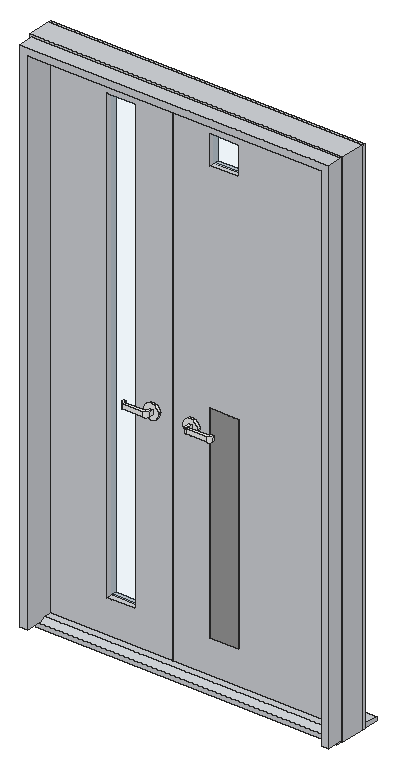
Revit family "Dor_親子開き戸_RC", category ドア, Revit 2020
Family settings
  ホスト = 壁
  常に垂直 = はい
  ロード時にボイドで切り取り = はい
  共有 = いいえ
  部屋計算ポイント = いいえ
Parameters (values of type "親子開き戸_RC")
  金物_施錠方式(外) = ""
  金物_施錠方式(内) = ""
  金物_支持金物 = ""
  金物_操作金物 = ""
  金物_戸当り = ""
  金物_固定金物 = ""
  金物_フランス落し = ""
  金物_クローザー = ""
  逃げ_左 = 60 mm
  逃げ_右 = 60 mm
  逃げ_上 = 60 mm
  解析用性能 = "<なし>"
  符号_建具記号 = ""
  符号_建具番号 = ""
  法_随時閉鎖 = yes
  法_防火性能 = ""
  法_遮煙 = yes
  法_常時閉鎖 = yes
  沓摺表示 [instance] = yes
  文字_ガラス厚 = ""
  抱き = 40 mm
  建枠下延長 [instance] = 0 mm
  沓摺見込_Kc_Kd [instance] = 200 mm
  外部ちり_上 = 10 mm
  外部ちり = 10 mm
  マテリアル_シール = none
  ドアパネルタイプ2 = DP_スリット窓 : スリット窓
  ドアパネルタイプ1 = DP_小窓+スリットガラリ : 小窓+スリットガラリ
  スリット/小窓位置：戸先 [instance] = yes
  シール幅 = 10 mm
  ガラス厚 = 6 mm
  オフセット_外側 [instance] = 50 mm
  min沓摺見込_Kc_Kd [instance] = 24 mm + パネル厚 + 抱き + シール幅 + オフセット_外側  # 169 mm
  geo_壁厚 [instance] = 150 mm
  calc_総見込 = 抱き + シール幅 + パネル厚 + 戸当見込  # 145 mm
  calc_沓摺見込_Kc_Kd [instance] = if(沓摺見込_Kc_Kd > min沓摺見込_Kc_Kd, 沓摺見込_Kc_Kd, min沓摺見込_Kc_Kd + 10 mm)  # 200 mm
  calc_沓摺幅 = 幅 + 戸当見付 * 2  # 1230 mm
  沓摺タイプ = Kd_沓摺_RC : Kd_沓摺_RC
  次による断熱プロパティの定義 = スキーマティック タイプ
  枠見付内_F01 = 30 mm
  calc_枠見込内 [instance] = if(and(枠ちり内 = 0 mm, オフセット_内側 = 0 mm), 1 mm, 0 mm)  # 0 mm
  calc_枠見付内 = if(枠タイプ = 1, 枠見付内_F01, if(枠タイプ = 2, 枠見付 + 戸当見付, if(枠タイプ = 3, 枠見付 + 戸当見付, 枠見付)))  # 30 mm
  文字_額縁材質 = ""
  文字_額縁仕上 = ""
  文字_沓摺材質 = ""
  文字_沓摺仕上 = ""
  文字_枠材質 = ""
  文字_枠仕上 = ""
  文字_建具材質 = ""
  文字_建具仕上 = ""
  文字_取付場所 = ""
  文字_備考 = ""
  文字_パネル厚 = ""
  文字_ガラリ材質 = ""
  文字_ガラリ仕上 = ""
  文字_ガラス材質 = ""
  文字_アンダーカット = ""
  性能_遮音 = ""
  性能_気密 = ""
  形状_沓摺形状 = ""
  形状_枠形状 = ""
  形状_建具形式 = ""
  形状_ガラリ形状 = ""
  仕上げ厚 = 0 mm
  calc_戸当見込 [instance] = if(geo_壁厚 < calc_総見込, 戸当見込 - (calc_総見込 - geo_壁厚 + 10 mm), 戸当見込)  # 50 mm
  calc_壁芯ずれ [instance] = オフセット_外側 / 2 + オフセット_内側 / 2 + LOCK  # 50 mm
  calc_仕上げ厚 [instance] = if(and(オフセット_内側 = 0 mm, 仕上げ厚 = 0 mm), 11 mm, 仕上げ厚)  # 0 mm
  ラベル_遮煙 = if(法_遮煙, "S", " ")  # "S"
  ラベル_法囲み = if(法_常時閉鎖, "□", if(法_随時閉鎖, "〇", " "))  # "□"
  マテリアル_沓摺 = none
  マテリアル_枠 = none
  マテリアル_パネル = none
  マテリアル_ガラリ = none
  マテリアル_ガラス = ガラス - 透明
  パネル幅2 = (幅 + 戸当見付 * 2) - パネル幅1  # 515 mm
  パネル幅1 = 715 mm
  calc_パネル中心位置 = パネル厚 / 2 + LOCK  # 22.5 mm
  ハンドル表示 [instance] = yes
  Keynote = ""
  オフセット_内側 [instance] = 50 mm
  calc_パネル2_中心 = パネル幅2 / 2 + LOCK  # 257.5 mm
  calc_パネル1_中心 = パネル幅1 / 2 + LOCK  # 357.5 mm
  W寸法 = 1200 mm
  LOCK = 0 mm  # constant formula
  H寸法 = 2100 mm
  F02_片ひばた2 = 枠タイプ = 2  # no
  Function = (empty or 0)
  Description = ""
  枠タイプ = 1
  Rough Width = 0 mm
  高さ = H寸法 + LOCK  # 2100 mm
  枠見付 = 25 mm
  枠ちり外 = 20 mm
  枠ちり内 = 10 mm
  ハンドル_高さ = 900 mm
  ハンドル_オフセット = 80 mm
  戸当見込 = 50 mm
  戸当見付 = 15 mm
  Construction Type = ""
  Wall Closure = (empty or 0)
  幅 = W寸法 + LOCK  # 1200 mm
  Rough Height = 0 mm
  パネル高 = 高さ + 戸当見付 - アンダーカット  # 2110 mm
  パネル幅 = パネル幅1 + LOCK  # 715 mm
  パネル厚 = 45 mm
  アンダーカット = 5 mm
  F01_片ひばた1 = 枠タイプ = 1  # yes
  F03_両ひばた = 枠タイプ = 3  # no
Reference planes
  plane 1: y = 0
  plane 2 "中心(左/右)": x = 0
  plane 3 "EXT.": y = 75
  plane 4 "内壁": y = -75
  plane 5 "左": x = -600
  plane 6 "右": x = 600
  plane 7 "上側": z = 2100
  plane 8: z = 0
  plane 9 "パネル位置": y = 25
  plane 10 "左扉位置": x = -615
  plane 11 "枠外側左": x = -640
  plane 12 "枠内側左": x = -630
  plane 13 "仕上げ厚": y = -75
  plane 14 "右扉位置": x = 615
  plane 15 "枠外側右": x = 640
  plane 16 "枠内側右": x = 630
  plane 17 "上枠下端": z = 2115
  plane 18 "枠見付_上": z = 2140
  plane 19 "枠見付内_上": z = 2130
  plane 20 "戸当り外側": y = -20
  plane 21 "戸当り内側": y = -70
  plane 22: x = -630
  plane 23: x = 630
  plane 24: z = 5
  plane 25 "オフセット": y = -125
  plane 26 "枠ちり内": y = -135
  plane 27 "パネル厚中心": y = 2.5
  plane 28 "壁芯": y = -50
  plane 29: z = 900
  plane 30 "建枠下延長": z = 0
  plane 31 "枠見込み内": y = -75
  plane 32 "オフセット_外側": y = 125
  plane 33 "マスク位置": z = 500
  plane 34: y = 130
  plane 35 "逃げ左": x = -660
  plane 36 "逃げ右": x = 660
  plane 37 "抱き": y = 35
  plane 38 "外部ちり左": x = -625
  plane 39 "外部ちり右": x = 625
  plane 40 "外部ちり上": z = 2125
  plane 41 "逃げ上": z = 2160
  plane 42 "右扉中心": x = 257.5
  plane 43 "左扉中心": x = -357.5
  plane 44 "左ハンドル中心": x = -180
  plane 45 "右ハンドル中心": x = -20
  plane 46 "扉合わせ位置": x = -100
Forms (mm)
  Extrusion 1, void
    sketch origin (0, 0, 0) x (1, 0, 0) y (0, 1, 0)
      loop
        line (-630, -125) -> (630, -125) -> (630, -75) -> (-630, -75) -> (-630, -125)
    from 0 to 2130
  Extrusion 2, void
    sketch origin (0, 0, 0) x (1, 0, 0) y (0, 1, 0)
      loop
        line (-660, 35) -> (-660, -75) -> (660, -75) -> (660, 35) -> (-660, 35)
    from 0 to 2160
  Sweep 3, solid, material <- "マテリアル_枠", visible <- "F01_片ひばた1", detail levels medium+fine
    path origin (0, 75, 0) x (1, 0, 0) y (0, 0, 1)
      loop
        line (600, 0) -> (600, 2100) -> (-600, 2100) -> (-600, 0)
    profile origin (600, 75, 1050) x (-1, 0, 0) y (0, -1, 0)
      loop
        line (-40, 50) -> (-15, 50) -> (-15, 95) -> (0, 95) -> (0, 210) -> (-30, 210) -> (-30, 150) -> (-40, 150) -> (-40, 50)
  Sweep 4, solid, material <- "マテリアル_枠", visible <- "F02_片ひばた2"
    path origin (0, 75, 0) x (1, 0, 0) y (0, 0, 1)
      loop
        line (600, 0) -> (600, 2100) -> (-600, 2100) -> (-600, 0)
    profile origin (600, 75, 1050) x (-1, 0, 0) y (0, -1, 0)
      loop
        line (-40, 50) -> (-15, 50) -> (-15, 95) -> (0, 95) -> (0, 210) -> (-40, 210) -> (-40, 50)
  Sweep 5, solid, material <- "マテリアル_枠", visible <- "F03_両ひばた"
    path origin (0, 75, 0) x (1, 0, 0) y (0, 0, 1)
      loop
        line (600, 0) -> (600, 2100) -> (-600, 2100) -> (-600, 0)
    profile origin (600, 75, 1050) x (-1, 0, 0) y (0, -1, 0)
      loop
        line (-40, 50) -> (-15, 50) -> (-15, 95) -> (0, 95) -> (0, 145) -> (-15, 145) -> (-15, 210) -> (-40, 210) -> (-40, 50)
  Extrusion 6, void
    sketch origin (0, 0, 0) x (1, 0, 0) y (0, 1, 0)
      loop
        line (-625, 125) -> (-625, 35) -> (625, 35) -> (625, 125) -> (-625, 125)
    from 0 to 2125
  Extrusion 7, solid, material <- "マテリアル_シール"
    sketch origin (0, 25, 0) x (-1, 0, 0) y (0, 0, 1)
      loop
        line (-625, 0) -> (-625, 2125) -> (625, 2125) -> (625, 0) -> (640, 0) -> (640, 2140) -> (-640, 2140) -> (-640, 0) -> (-625, 0)
    from 0 to 10 <- "シール幅"
Lines and regions (mm)
  Masking region 1
    outline origin (0, 0, 0) x (0, 1, 0) y (0, 0, 1)
      loop
        line (25, 2115) -> (-20, 2115) -> (-20, 5) -> (25, 5) -> (25, 2115)
  Masking region 2, visible <- "F01_片ひばた1", detail levels medium+fine
    outline origin (0, 0, 0) x (1, 0, 0) y (0, 1, 0)
      loop
        line (-640, -75) -> (-630, -75) -> (-630, -135) -> (-600, -135) -> (-600, -20) -> (-615, -20) -> (-615, 25) -> (-640, 25) -> (-640, -75)
      loop
        line (640, -75) -> (640, 25) -> (615, 25) -> (615, -20) -> (600, -20) -> (600, -135) -> (630, -135) -> (630, -75) -> (640, -75)
  Masking region 3, visible <- "F02_片ひばた2", detail levels medium+fine
    outline origin (0, 0, 0) x (1, 0, 0) y (0, 1, 0)
      loop
        line (-630, 25) -> (-630, -135) -> (-600, -135) -> (-600, -20) -> (-615, -20) -> (-615, 25) -> (-630, 25)
      loop
        line (640, 25) -> (615, 25) -> (615, -20) -> (600, -20) -> (600, -135) -> (640, -135) -> (640, 25)
  Masking region 4, detail levels coarse
    outline origin (0, 0, 0) x (1, 0, 0) y (0, 1, 0)
      loop
        line (-600, -130) -> (600, -130) -> (600, -125) -> (600, 125) -> (600, 130) -> (-600, 130) -> (-600, 125) -> (-600, -125) -> (-600, -130)
  Masking region 5, detail levels coarse
    outline origin (0, 0, 0) x (1, 0, 0) y (0, 1, 0)
      loop
        line (-665, 125) -> (-665, -125) -> (-600, -125) -> (-600, 125) -> (-665, 125)
      loop
        line (665, 125) -> (600, 125) -> (600, -125) -> (665, -125) -> (665, 125)
  Masking region 6, visible <- "F03_両ひばた", detail levels medium+fine
    outline origin (0, 0, 0) x (1, 0, 0) y (0, 1, 0)
      loop
        line (-640, 25) -> (-640, -135) -> (-615, -135) -> (-615, -70) -> (-600, -70) -> (-600, -20) -> (-615, -20) -> (-615, 25) -> (-640, 25)
      loop
        line (640, 25) -> (615, 25) -> (615, -20) -> (600, -20) -> (600, -70) -> (615, -70) -> (615, -135) -> (640, -135) -> (640, 25)
  Masking region 7, detail levels medium+fine
    outline origin (0, 0, 0) x (1, 0, 0) y (0, 1, 0)
      loop
        line (-625, 25) -> (-625, 35) -> (-640, 35) -> (-640, 25) -> (-625, 25)
      loop
        line (625, 35) -> (625, 25) -> (640, 25) -> (640, 35) -> (625, 35)
  symbolic lines
    curve 1: line (0, 75, 0) -> (0, -185, 0)
Text (mm)
  text "EXT." at (-2295.016, 1099.543, 0), in view "基準レベル"
  text "外部" at (0, 1615.38, 3698.081), in view "左"
  text "外部" at (0, 1036.032, 3874.932), in view "右"
  text "内部" at (0, -1175.082, 3874.932), in view "右"
  text "内部" at (-2295.016, -1087.353, 0), in view "基準レベル"
Dimensions and locks
  equal spacing: plane 5 "左", plane 2 "中心(左/右)", plane 6 "右"
  locked: plane 3 "EXT." to host wall
  locked: plane 4 "内壁" to host wall
  "W寸法": plane 5 "左" to plane 6 "右"
  "H寸法": plane 8 to plane 7 "上側"
  "戸当見付": plane 10 "左扉位置" to plane 5 "左"
  "calc_枠見付内": plane 12 "枠内側左" to plane 5 "左"
  "枠見付": plane 11 "枠外側左" to plane 10 "左扉位置"
  "calc_仕上げ厚": plane 13 "仕上げ厚" to plane 4 "内壁"
  "枠見付": plane 15 "枠外側右" to plane 14 "右扉位置"
  "戸当見付": plane 7 "上側" to plane 17 "上枠下端"
  "枠見付": plane 17 "上枠下端" to plane 18 "枠見付_上"
  "calc_枠見付内": plane 7 "上側" to plane 19 "枠見付内_上"
  "パネル厚": plane 9 "パネル位置" to plane 20 "戸当り外側"
  "calc_戸当見込": plane 20 "戸当り外側" to plane 21 "戸当り内側"
  "戸当見付": plane 6 "右" to plane 14 "右扉位置"
  "calc_枠見付内": plane 6 "右" to plane 16 "枠内側右"
  "枠見付内_F01": plane 22 to plane 5 "左"
  "枠見付内_F01": plane 6 "右" to plane 23
  "枠ちり内": plane 25 "オフセット" to plane 26 "枠ちり内"
  "オフセット_内側": plane 25 "オフセット" to plane 4 "内壁"
  "アンダーカット": plane 24 to plane 8
  locked: plane 26 "枠ちり内" to curve 1 at 50
  "calc_パネル中心位置": plane 9 "パネル位置" to plane 27 "パネル厚中心"
  "calc_壁芯ずれ": plane 28 "壁芯" to plane 1
  "ハンドル_高さ": plane 29 to level
  "建枠下延長": plane 8 to plane 30 "建枠下延長"
  "calc_枠見込内": plane 31 "枠見込み内" to plane 13 "仕上げ厚"
  "オフセット_外側": plane 3 "EXT." to plane 32 "オフセット_外側"
  locked: level to plane 33 "マスク位置" at 500
  locked: plane 34 to plane 32 "オフセット_外側" at 5
  "逃げ_左": plane 35 "逃げ左" to plane 5 "左"
  "逃げ_右": plane 6 "右" to plane 36 "逃げ右"
  "抱き": plane 37 "抱き" to plane 3 "EXT."
  "シール幅": plane 37 "抱き" to plane 9 "パネル位置"
  locked: plane 38 "外部ちり左" to Extrusion 7 sketch curve at 15
  locked: plane 39 "外部ちり右" to Extrusion 7 sketch curve at 15
  locked: plane 40 "外部ちり上" to Extrusion 7 sketch curve at 15
  "外部ちり": plane 38 "外部ちり左" to plane 10 "左扉位置"
  "外部ちり": plane 14 "右扉位置" to plane 39 "外部ちり右"
  "逃げ_上": plane 7 "上側" to plane 41 "逃げ上"
  "外部ちり_上": plane 40 "外部ちり上" to plane 17 "上枠下端"
  locked: Masking region 7 sketch curve to plane 38 "外部ちり左" at 15
  locked: plane 39 "外部ちり右" to Masking region 7 sketch curve at 15
  "geo_壁厚": host wall to host wall
  locked: Masking region 5 sketch curve to plane 35 "逃げ左" at 5
  locked: plane 36 "逃げ右" to Masking region 5 sketch curve at 5
  "calc_パネル1_中心": plane 42 "右扉中心" to plane 14 "右扉位置"
  "calc_パネル2_中心": plane 10 "左扉位置" to plane 43 "左扉中心"
  "パネル幅1": plane 46 "扉合わせ位置" to plane 14 "右扉位置"
  "ハンドル_オフセット": plane 46 "扉合わせ位置" to plane 44 "左ハンドル中心"
  "ハンドル_オフセット": plane 45 "右ハンドル中心" to plane 46 "扉合わせ位置"
  aligned and locked: plane 1 to host wall
  aligned and locked: level to plane 8
  aligned and locked: plane 13 "仕上げ厚" to Extrusion 1 sketch curve
  aligned and locked: plane 13 "仕上げ厚" to Extrusion 2 sketch curve
  aligned and locked: plane 7 "上側" to Sweep 3 sketch curve
  aligned and locked: plane 6 "右" to Sweep 3 sketch curve  (x2)
  aligned and locked: Sweep 3 sketch curve to plane 5 "左"
  aligned and locked: Sweep 3 sketch curve to plane 13 "仕上げ厚"
  aligned and locked: plane 9 "パネル位置" to Sweep 3 sketch curve
  aligned and locked: plane 20 "戸当り外側" to Sweep 3 sketch curve
  aligned and locked: plane 14 "右扉位置" to Sweep 3 sketch curve
  aligned and locked: Sweep 3 sketch curve to plane 15 "枠外側右"
  aligned and locked: plane 15 "枠外側右" to Sweep 4 sketch curve
  aligned and locked: plane 14 "右扉位置" to Sweep 5 sketch curve  (x2)
  aligned and locked: Sweep 5 sketch curve to plane 21 "戸当り内側"
  aligned and locked: plane 23 to Sweep 3 sketch curve
  aligned and locked: Sweep 3 sketch curve to plane 26 "枠ちり内"
  aligned and locked: Sweep 4 sketch curve to plane 26 "枠ちり内"
  aligned and locked: plane 20 "戸当り外側" to Sweep 4 sketch curve
  aligned and locked: Sweep 5 sketch curve to plane 26 "枠ちり内"
  aligned and locked: Extrusion 1 to plane 25 "オフセット"
  aligned and locked: plane 19 "枠見付内_上" to Extrusion 1
  aligned and locked: Sweep 4 to Masking region 1 sketch curve
  aligned and locked: plane 2 "中心(左/右)" to nested 1
  aligned and locked: Masking region 2 sketch curve to plane 9 "パネル位置"
  aligned and locked: Masking region 2 sketch curve to plane 20 "戸当り外側"
  aligned and locked: plane 26 "枠ちり内" to Masking region 2 sketch curve
  aligned and locked: plane 11 "枠外側左" to Masking region 2 sketch curve
  aligned and locked: plane 5 "左" to Masking region 2 sketch curve
  aligned and locked: plane 6 "右" to Masking region 2 sketch curve
  aligned and locked: Masking region 2 sketch curve to plane 15 "枠外側右"
  aligned and locked: plane 14 "右扉位置" to Masking region 2 sketch curve
  aligned and locked: Masking region 2 sketch curve to plane 22
  aligned and locked: plane 23 to Masking region 2 sketch curve
  aligned and locked: plane 12 "枠内側左" to Masking region 3 sketch curve
  aligned and locked: plane 5 "左" to Masking region 4 sketch curve
  aligned and locked: Masking region 4 sketch curve to plane 6 "右"
  aligned and locked: Masking region 4 to Masking region 5 sketch curve
  aligned and locked: plane 6 "右" to Masking region 5 sketch curve
  aligned and locked: plane 25 "オフセット" to Masking region 5 sketch curve
  aligned and locked: Masking region 5 sketch curve to plane 25 "オフセット"
  aligned and locked: plane 25 "オフセット" to Masking region 4 sketch curve  (x2)
  aligned and locked: plane 14 "右扉位置" to Masking region 6 sketch curve
  aligned and locked: plane 21 "戸当り内側" to Masking region 6 sketch curve  (x2)
  aligned and locked: Masking region 6 sketch curve to plane 21 "戸当り内側"  (x2)
  aligned and locked: plane 20 "戸当り外側" to Sweep 5 sketch curve
  aligned and locked: plane 9 "パネル位置" to Sweep 5 sketch curve
  aligned and locked: plane 9 "パネル位置" to Sweep 4 sketch curve
  aligned and locked: nested 2 to plane 8
  aligned and locked: plane 30 "建枠下延長" to Sweep 4 sketch curve  (x2)
  aligned and locked: plane 30 "建枠下延長" to Sweep 3 sketch curve  (x2)
  aligned and locked: plane 30 "建枠下延長" to Sweep 5 sketch curve  (x2)
  aligned and locked: plane 9 "パネル位置" to Masking region 3 sketch curve  (x2)
  aligned and locked: plane 9 "パネル位置" to Masking region 6 sketch curve  (x2)
  aligned and locked: Extrusion 1 sketch curve to plane 12 "枠内側左"
  aligned and locked: Extrusion 1 sketch curve to plane 16 "枠内側右"
  aligned and locked: plane 31 "枠見込み内" to Masking region 2 sketch curve  (x2)
  aligned and locked: Masking region 5 sketch curve to plane 32 "オフセット_外側"  (x2)
  aligned and locked: Masking region 4 sketch curve to plane 34
  aligned and locked: plane 32 "オフセット_外側" to Masking region 4 sketch curve  (x2)
  aligned and locked: Extrusion 2 sketch curve to plane 37 "抱き"
  aligned and locked: plane 35 "逃げ左" to Extrusion 2 sketch curve
  aligned and locked: plane 36 "逃げ右" to Extrusion 2 sketch curve
  aligned and locked: Extrusion 6 sketch curve to plane 32 "オフセット_外側"
  aligned and locked: plane 38 "外部ちり左" to Extrusion 6 sketch curve
  aligned and locked: plane 37 "抱き" to Extrusion 6 sketch curve
  aligned and locked: plane 39 "外部ちり右" to Extrusion 6 sketch curve
  aligned and locked: plane 40 "外部ちり上" to Extrusion 6
  aligned and locked: Extrusion 7 sketch curve to plane 39 "外部ちり右"
  aligned and locked: plane 30 "建枠下延長" to Extrusion 7 sketch curve
  aligned and locked: Extrusion 7 sketch curve to plane 38 "外部ちり左"
  aligned and locked: Extrusion 7 sketch curve to plane 30 "建枠下延長"
  aligned and locked: plane 40 "外部ちり上" to Extrusion 7 sketch curve
  aligned and locked: plane 41 "逃げ上" to Extrusion 2
  aligned and locked: Masking region 7 sketch curve to plane 38 "外部ちり左"
  aligned and locked: Masking region 7 sketch curve to plane 37 "抱き"  (x2)
  aligned and locked: plane 9 "パネル位置" to Masking region 7 sketch curve  (x2)
  aligned and locked: Masking region 7 sketch curve to plane 39 "外部ちり右"
  aligned and locked: nested 1 to plane 27 "パネル厚中心"
  aligned and locked: plane 43 "左扉中心" to nested 3
  aligned and locked: nested 6 to plane 44 "左ハンドル中心"
  aligned and locked: plane 42 "右扉中心" to nested 4
  aligned and locked: plane 27 "パネル厚中心" to nested 4
  aligned and locked: nested 3 to plane 27 "パネル厚中心"
  aligned and locked: nested 5 to plane 27 "パネル厚中心"
  aligned and locked: plane 27 "パネル厚中心" to nested 6
  aligned and locked: nested 7 to plane 9 "パネル位置"
  aligned and locked: plane 46 "扉合わせ位置" to nested 7
  aligned and locked: nested 5 to plane 45 "右ハンドル中心"
  aligned and locked: plane 42 "右扉中心" to nested 2
  aligned and locked: plane 43 "左扉中心" to nested 8
Automatic sketch dimensions
  plane 5 "左" to Sweep 4 sketch curve = 0 mm
  plane 6 "右" to Sweep 4 sketch curve = 0 mm
  Sweep 4 sketch curve to plane 7 "上側" = 0 mm
  Sweep 4 sketch curve to profile plane = 0 mm
  profile plane to Sweep 4 sketch curve = 15 mm
  plane 5 "左" to Sweep 5 sketch curve = 0 mm
  plane 6 "右" to Sweep 5 sketch curve = 0 mm
  Sweep 5 sketch curve to plane 7 "上側" = 0 mm
  Sweep 5 sketch curve to profile plane = 0 mm
  profile plane to Sweep 5 sketch curve = 15 mm
  Sweep 5 sketch curve to Sweep 5 sketch curve = 25 mm
  Masking region 3 sketch curve to plane 10 "左扉位置" = 0 mm
  Masking region 3 sketch curve to plane 5 "左" = 0 mm
  Masking region 3 sketch curve to plane 6 "右" = 0 mm
  Masking region 3 sketch curve to plane 14 "右扉位置" = 0 mm
  Masking region 3 sketch curve to plane 15 "枠外側右" = 0 mm
  Masking region 3 sketch curve to plane 26 "枠ちり内" = 0 mm  (x2)
  Masking region 3 sketch curve to plane 20 "戸当り外側" = 0 mm  (x2)
  Masking region 6 sketch curve to plane 10 "左扉位置" = 0 mm  (x2)
  Masking region 6 sketch curve to plane 5 "左" = 0 mm
  Masking region 6 sketch curve to plane 6 "右" = 0 mm
  Masking region 6 sketch curve to plane 14 "右扉位置" = 0 mm
  Masking region 6 sketch curve to plane 26 "枠ちり内" = 0 mm  (x2)
  Masking region 6 sketch curve to plane 20 "戸当り外側" = 0 mm  (x2)
  curve 1 to plane 2 "中心(左/右)" = 0 mm
  Masking region 1 sketch curve to plane 17 "上枠下端" = 0 mm
  Masking region 1 sketch curve to plane 20 "戸当り外側" = 0 mm
  Masking region 1 sketch curve to plane 24 = 0 mm
  Masking region 4 sketch curve to plane 25 "オフセット" = 5 mm
  Masking region 6 sketch curve to plane 11 "枠外側左" = 0 mm
  Masking region 6 sketch curve to plane 15 "枠外側右" = 0 mm
  Masking region 2 sketch curve to plane 26 "枠ちり内" = 0 mm
  Masking region 2 sketch curve to plane 20 "戸当り外側" = 0 mm
  Masking region 2 sketch curve to plane 9 "パネル位置" = 0 mm
  Extrusion 1 sketch curve to plane 25 "オフセット" = 0 mm
  plane 9 "パネル位置" to curve 1 = 50 mm
  Masking region 2 sketch curve to plane 10 "左扉位置" = 0 mm
Nested families
  nested 1: "Kd_沓摺_RC" at (0, 2.5, 0), アンダーカット <- "アンダーカット", パネル厚 <- "パネル厚", パネル幅 <- "calc_沓摺幅", 沓摺材質 <- "マテリアル_沓摺", type <- "沓摺タイプ", visible <- "沓摺表示", 沓摺見込 <- "calc_沓摺見込_Kc_Kd", type "Kd_沓摺_RC"
    with 沓摺見込 200 mm, 沓摺材質 none, パネル幅 1230 mm, パネル厚 45 mm, アンダーカット 5 mm, calc_見込 100 mm
  nested 2: "立面_スイング_開き戸" at (257.5, -75, 0) x (1, 0, 0) z (0, -1, 0), パネル幅 <- "パネル幅1", パネル高 <- "パネル高", アンダーカット <- "アンダーカット", type "立面_スイング_開き戸"
    with パネル高 2110 mm, パネル幅 715 mm, アンダーカット 5 mm
  nested 3: "DP_スリット窓" at (-357.5, 2.5, 0), マテリアル_パネル <- "マテリアル_パネル", 幅 <- "パネル幅2", 高さ <- "パネル高", Thickness <- "パネル厚", アンダーカット <- "アンダーカット", マテリアル_ガラス <- "マテリアル_ガラス", マテリアル_ガラリ <- "マテリアル_ガラリ", スリット/小窓位置：戸先 <- "スリット/小窓位置：戸先", type <- "ドアパネルタイプ2", ガラス厚 <- "ガラス厚", type "スリット窓"
    with 高さ 2110 mm, 幅 515 mm, built-in parameter 1001302 45 mm, マテリアル_パネル none, マテリアル_ガラリ none, マテリアル_ガラス ガラス - 透明, スリット/小窓位置：戸先 yes, スリット/小窓位置：中央 no, ガラス厚 6 mm, アンダーカット 5 mm, calc_窓位置_戸尻 245 mm, calc_窓位置_戸先 150 mm, calc_窓H 1845 mm
  nested 4: "DP_小窓+スリットガラリ" at (257.5, 2.5, 0) x (-1, 0, 0) z (0, 0, 1), マテリアル_パネル <- "マテリアル_パネル", 幅 <- "パネル幅1", 高さ <- "パネル高", Thickness <- "パネル厚", type <- "ドアパネルタイプ1", マテリアル_ガラス <- "マテリアル_ガラス", アンダーカット <- "アンダーカット", マテリアル_ガラリ <- "マテリアル_ガラリ", スリット/小窓位置：戸先 <- "スリット/小窓位置：戸先", ガラス厚 <- "ガラス厚", type "小窓+スリットガラリ"
    with 高さ 2110 mm, 幅 715 mm, built-in parameter 1001302 45 mm, マテリアル_パネル none, マテリアル_ガラリ none, マテリアル_ガラス ガラス - 透明, スリット/小窓位置：戸先 yes, スリット/小窓位置：中央 no, ガラス厚 6 mm, アンダーカット 5 mm, calc_窓腰高 1875 mm, calc_窓位置_戸尻 445 mm, calc_窓位置_戸先 150 mm
  nested 5: "Ha_ハンドル" at (-20, 2.5, 900), visible <- "ハンドル表示", type "Ha_ハンドル"
    with パネル厚 45 mm
  nested 6: "Ha_ハンドル" at (-180, 2.5, 900) x (-1, 0, 0) z (0, 0, 1), visible <- "ハンドル表示", type "Ha_ハンドル"
    with パネル厚 45 mm
  nested 7: "平面_親子開き戸" at (0, 25, 0), type "平面_親子開き戸"
    with 開口幅 1200 mm, パネル幅2_簡易 500 mm, パネル幅2 515 mm, パネル幅1_簡易 700 mm, パネル幅1 715 mm, パネル幅 715 mm
  nested 8: "立面_スイング_開き戸" at (-357.5, -75, 0) x (-1, 0, 0) z (0, -1, 0), パネル幅 <- "パネル幅2", パネル高 <- "パネル高", アンダーカット <- "アンダーカット", type "立面_スイング_開き戸"
    with パネル高 2110 mm, パネル幅 515 mm, アンダーカット 5 mm
Definition of nested family "Kd_沓摺_RC"
  Parameters (values of type "Kd_沓摺_RC")
    沓摺材質 [instance] = none
    Default Elevation = 0 mm
    沓摺見込 [instance] = 200 mm
    抱き = 35 mm
    オフセット_外側 = 50 mm
    パネル幅 [instance] = 830 mm
    パネル厚 [instance] = 45 mm
    シール幅 = 10 mm
    アンダーカット [instance] = 5 mm
    calc_見込 [instance] = オフセット_外側 + 抱き + シール幅  # 95 mm
  Reference planes
    plane 1 "中心(正面/背面)": y = 0
    plane 2: z = 0
    plane 3 "中心(左/右)": x = 0
    plane 4 "パネル内側": y = -22.5
    plane 5: x = -415
    plane 6: x = 415
    plane 7: z = 5
    plane 8: z = 3
    plane 9 "パネル外側": y = 22.5
    plane 10: z = -20
    plane 11: y = -82.5
    plane 12: y = -58.5
    plane 13 "枠外": y = 117.5
    plane 14 "マスク位置": z = 1000
    plane 15: y = 102.5
  Forms (mm)
    Extrusion 1, solid, material <- "沓摺材質"
      sketch origin (0, 0, 0) x (0, 1, 0) y (0, 0, 1)
        loop
          line (117.5, -20) -> (117.5, -4.969) -> (-22.5, 3) -> (-22.5, 15) -> (-58.5, 15) -> (-82.5, 0) -> (-82.5, -20) -> (117.5, -20)
      from -415 to 415
  Lines and regions (mm)
    Masking region 1
      outline origin (0, 0, 0) x (0, 1, 0) y (0, 0, 1)
        loop
          line (-82.5, -20) -> (102.5, -20) -> (117.5, -20) -> (117.5, -4.969) -> (-22.5, 3) -> (-22.5, 15) -> (-58.5, 15) -> (-82.5, 0) -> (-82.5, -15) -> (-82.5, -20)
    Masking region 2, detail levels medium+fine
      outline origin (0, 0, 0) x (1, 0, 0) y (0, 1, 0)
        loop
          line (-415, 117.5) -> (-415, -82.5) -> (415, -82.5) -> (415, 117.5) -> (-415, 117.5)
    symbolic lines, detail levels medium+fine
      curve 1: line (-415, -82.5, 1000) -> (415, -82.5, 1000)
  Dimensions and locks
    "パネル幅": plane 5 to plane 6
    equal spacing: plane 5, plane 3 "中心(左/右)", plane 6
    "アンダーカット": plane 7 to plane 2
    locked: plane 7 to plane 8 at 2
    equal spacing: plane 9 "パネル外側", plane 1 "中心(正面/背面)", plane 4 "パネル内側"
    "パネル厚": plane 9 "パネル外側" to plane 4 "パネル内側"
    locked: plane 7 to plane 10 at 25
    Masking region 1 sketch curve to plane 2 = 15 mm  (x2)
    Masking region 1 sketch curve to plane 11 = 24 mm
    locked: plane 11 to plane 12 at 24
    Masking region 1 sketch curve to Masking region 1 sketch curve = 15.031 mm
    locked: plane 14 "マスク位置" to level at 1000
    "calc_見込": plane 13 "枠外" to plane 9 "パネル外側"
    "沓摺見込": plane 13 "枠外" to plane 11
    locked: plane 13 "枠外" to plane 15 at 15
    plane 13 "枠外" to plane 11 = 200 mm
    aligned and locked: level to plane 2
    aligned and locked: Extrusion 1 sketch curve to plane 10
    aligned and locked: plane 6 to Extrusion 1
    aligned and locked: Extrusion 1 to plane 5
    aligned and locked: plane 4 "パネル内側" to Masking region 1 sketch curve
    aligned and locked: Masking region 1 sketch curve to plane 10
    aligned and locked: plane 11 to Extrusion 1 sketch curve
    aligned and locked: Masking region 1 sketch curve to plane 13 "枠外"
    aligned and locked: Extrusion 1 sketch curve to plane 13 "枠外"
    aligned and locked: plane 5 to curve 1
    aligned and locked: plane 6 to curve 1
    aligned and locked: plane 11 to Extrusion 1
    aligned and locked: plane 5 to Masking region 2 sketch curve
    aligned and locked: plane 13 "枠外" to Masking region 2 sketch curve
    aligned and locked: Masking region 2 sketch curve to plane 6
    aligned and locked: Masking region 2 sketch curve to plane 11
    aligned and locked: plane 15 to Masking region 1 sketch curve
  Automatic sketch dimensions
    Masking region 1 sketch curve to plane 11 = 0 mm
    Masking region 1 sketch curve to level = 0 mm
    Extrusion 1 sketch curve to level = 0 mm
    Extrusion 1 sketch curve to plane 4 "パネル内側" = 0 mm
    plane 7 to Extrusion 1 sketch curve = 10 mm
    Extrusion 1 sketch curve to plane 11 = 24 mm
    Masking region 1 sketch curve to plane 8 = 0 mm
    Extrusion 1 sketch curve to plane 8 = 0 mm
    Extrusion 1 sketch curve to level = 4.969 mm
    plane 11 to curve 1 = 0 mm
Definition of nested family "DP_スリット窓"
  Parameters (values of type "スリット窓")
    Height [instance] = 1995 mm
    Analytic Construction = "<なし>"
    窓位置_下 = 150 mm
    窓位置_上 = 120 mm
    Define Thermal Properties by = 1
    マテリアル_パネル [instance] = none
    マテリアル_ガラリ [instance] = none
    マテリアル_ガラス [instance] = none
    スリット/小窓位置：戸先 [instance] = yes
    スリット/小窓位置：中央 [instance] = not([スリット/小窓位置：戸先])  # no
    アンダーカット [instance] = 5 mm
    calc_窓位置_戸先 [instance] = if([スリット/小窓位置：戸先], 窓位置_戸先寄り, (Width - 窓W) / 2)  # 150 mm
    Width [instance] = 800 mm
    窓位置_戸先寄り = 150 mm
    calc_窓位置_戸尻 [instance] = if([スリット/小窓位置：戸先], Width - 窓W - 窓位置_戸先寄り, calc_窓位置_戸先)  # 530 mm
    Thickness [instance] = 40 mm
    calc_窓H [instance] = (Height + アンダーカット) - 窓位置_下 - 窓位置_上  # 1730 mm
    窓W = 120 mm
    ガラス厚 [instance] = 6 mm
  Reference planes
    plane 1 "中心(正面/背面)": y = 0
    plane 2 "下": z = 0
    plane 3 "中心(左/右)": x = 0
    plane 4 "右": x = 400
    plane 5 "左": x = -400
    plane 6 "前面": y = 20
    plane 7 "背面": y = -20
    plane 8 "上": z = 2000
    plane 9 "戸先": x = 250
    plane 10 "框下": z = 150
    plane 11 "框上": z = 1880
    plane 12 "ガラス幅": x = 130
    plane 13 "窓中央": x = 190
    plane 14: z = 5
  Forms (mm)
    Extrusion 1, solid, material <- "マテリアル_パネル"
      sketch origin (0, 0, 0) x (1, 0, 0) y (0, 0, 1)
        loop
          line (-400, 2000) -> (-400, 5) -> (400, 5) -> (400, 2000) -> (-400, 2000)
        loop
          line (130, 1880) -> (130, 150) -> (250, 150) -> (250, 1880) -> (130, 1880)
      from -20 to 20
  Dimensions and locks
    equal spacing: plane 5 "左", plane 3 "中心(左/右)", plane 4 "右"
    "Width": plane 5 "左" to plane 4 "右"
    equal spacing: plane 6 "前面", plane 1 "中心(正面/背面)", plane 7 "背面"
    "Thickness": plane 6 "前面" to plane 7 "背面"
    "calc_窓位置_戸先": plane 4 "右" to plane 9 "戸先"
    "窓位置_上": plane 8 "上" to plane 11 "框上"
    "窓位置_下": plane 10 "框下" to level
    "窓W": plane 9 "戸先" to plane 12 "ガラス幅"
    equal spacing: plane 12 "ガラス幅", plane 13 "窓中央", plane 9 "戸先"
    "アンダーカット": plane 14 to plane 2 "下"
    "Height": plane 8 "上" to plane 14
    aligned and locked: level to plane 2 "下"
    aligned and locked: Extrusion 1 sketch curve to plane 8 "上"
    aligned and locked: plane 5 "左" to Extrusion 1 sketch curve
    aligned and locked: Extrusion 1 sketch curve to plane 4 "右"
    aligned and locked: plane 6 "前面" to Extrusion 1
    aligned and locked: Extrusion 1 to plane 7 "背面"
    aligned and locked: plane 11 "框上" to Extrusion 1 sketch curve
    aligned and locked: plane 12 "ガラス幅" to Extrusion 1 sketch curve
    aligned and locked: Extrusion 1 sketch curve to plane 10 "框下"
    aligned and locked: Extrusion 1 sketch curve to plane 9 "戸先"
    aligned and locked: nested 1 to plane 1 "中心(正面/背面)"
    aligned and locked: plane 13 "窓中央" to nested 1
    aligned and locked: plane 14 to Extrusion 1 sketch curve
  Nested families
    nested 1: "DPw_ガラス" at (190, 15, 150), Width <- "窓W", Height <- "calc_窓H", built-in parameter 1001364 <- "窓位置_下", Thickness <- "ガラス厚", マテリアル_ガラス <- "マテリアル_ガラス", type "ガラス"
      with Height 1730 mm, Width 120 mm, Thickness 6 mm, マテリアル_ガラス none
  Definition of nested family "DPw_ガラス"
    Parameters (values of type "DPw_ガラス")
      Define Thermal Properties by = 1
      Visual Light Transmittance = 0.9
      Solar Heat Gain Coefficient = 0.78
      Height [instance] = 1000 mm
      Heat Transfer Coefficient (U) = 3.6886 W/(m²·K)
      Width [instance] = 800 mm
      Analytic Construction = "1/8 インチ ピルキントン一重ガラス"
      Thickness [instance] = 6 mm
      マテリアル_ガラス [instance] = none
    Reference planes
      plane 1 "中心(正面/背面)": y = -15
      plane 2 "下": z = 0
      plane 3 "中心(左/右)": x = 0
      plane 4 "左": x = -400
      plane 5 "右": x = 400
      plane 6 "上": z = 1000
      plane 7: y = -12
      plane 8: y = -18
      plane 9: z = 500
    Forms (mm)
      Extrusion 1, solid, material <- "マテリアル_ガラス"
        sketch origin (0, -15, 0) x (1, 0, 0) y (0, 0, 1)
          loop
            line (-400, 0) -> (400, 0) -> (400, 1000) -> (-400, 1000) -> (-400, 0)
        from -3 to 3
    Lines and regions (mm)
      symbolic lines, detail levels medium+fine
        curve 1: line (400, -15, 0) -> (-400, -15, 0)
      symbolic lines, detail levels fine
        curve 2: line (0, -15, 1000) -> (0, -15, 0)
    Dimensions and locks
      equal spacing: plane 4 "左", plane 3 "中心(左/右)", plane 5 "右"
      "Width": plane 4 "左" to plane 5 "右"
      "Height": plane 6 "上" to plane 2 "下"
      equal spacing: plane 6 "上", plane 9, plane 2 "下"
      "Thickness": plane 8 to plane 7
      equal spacing: plane 8, plane 1 "中心(正面/背面)", plane 7
      plane 2 "下" to level = 0 mm
      aligned and locked: plane 5 "右" to Extrusion 1
      aligned and locked: Extrusion 1 to plane 4 "左"
      aligned and locked: Extrusion 1 to plane 7
      aligned and locked: plane 8 to Extrusion 1
      aligned and locked: curve 1 to plane 1 "中心(正面/背面)"
      aligned and locked: plane 4 "左" to curve 1
      aligned and locked: Extrusion 1 to curve 1
      aligned and locked: plane 6 "上" to Extrusion 1
      aligned and locked: plane 2 "下" to curve 2
      aligned and locked: plane 6 "上" to curve 2
      aligned and locked: Extrusion 1 to plane 2 "下"
    Automatic sketch dimensions
      Extrusion 1 sketch curve to plane 4 "左" = 0 mm
      Extrusion 1 sketch curve to plane 5 "右" = 0 mm
      level to Extrusion 1 sketch curve = 0 mm
      Extrusion 1 sketch curve to plane 6 "上" = 0 mm
      curve 2 to plane 1 "中心(正面/背面)" = 0 mm
Definition of nested family "DP_小窓+スリットガラリ"
  Parameters (values of type "小窓+スリットガラリ")
    Height [instance] = 1995 mm
    Analytic Construction = "<なし>"
    Define Thermal Properties by = 1
    マテリアル_パネル [instance] = none
    マテリアル_ガラリ [instance] = none
    マテリアル_ガラス [instance] = none
    スリット/小窓位置：戸先 [instance] = yes
    スリット/小窓位置：中央 [instance] = not([スリット/小窓位置：戸先])  # no
    ガラリ位置_下 = 150 mm
    Thickness [instance] = 40 mm
    ガラリH = 840 mm
    窓H = 120 mm
    窓位置_上 = 120 mm
    アンダーカット [instance] = 5 mm
    calc_窓位置_戸先 [instance] = if([スリット/小窓位置：戸先], 窓位置_戸先寄り, (Width - 窓W) / 2)  # 150 mm
    Width [instance] = 800 mm
    窓位置_戸先寄り = 150 mm
    calc_窓位置_戸尻 [instance] = if([スリット/小窓位置：戸先], Width - 窓W - 窓位置_戸先寄り, if([スリット/小窓位置：中央], calc_窓位置_戸先, 窓位置_戸先寄り))  # 530 mm
    窓W = 120 mm
    ガラス厚 [instance] = 6 mm
    calc_窓腰高 [instance] = (Height + アンダーカット) - 窓位置_上 - 窓H  # 1760 mm
  Reference planes
    plane 1 "中心(正面/背面)": y = 0
    plane 2 "下": z = 0
    plane 3 "中心(左/右)": x = 0
    plane 4 "右": x = 400
    plane 5 "左": x = -400
    plane 6 "前面": y = 20
    plane 7 "背面": y = -20
    plane 8 "上": z = 2000
    plane 9 "戸先": x = 250
    plane 10 "ガラス下": z = 1760
    plane 11 "框上": z = 1880
    plane 12 "ガラス幅": x = 130
    plane 13 "ガラリ上": z = 990
    plane 14 "框_下": z = 150
    plane 15 "ガラス中央": x = 190
    plane 16: z = 5
  Forms (mm)
    Extrusion 1, solid, material <- "マテリアル_パネル"
      sketch origin (0, 0, 0) x (1, 0, 0) y (0, 0, 1)
        loop
          line (-400, 2000) -> (-400, 5) -> (400, 5) -> (400, 2000) -> (-400, 2000)
        loop
          line (130, 1880) -> (130, 1760) -> (250, 1760) -> (250, 1880) -> (130, 1880)
        loop
          line (130, 990) -> (130, 150) -> (250, 150) -> (250, 990) -> (130, 990)
      from -20 to 20
    Extrusion 2, solid, material <- "マテリアル_ガラリ"
      sketch origin (0, 0, 0) x (1, 0, 0) y (0, 0, 1)
        loop
          line (130, 990) -> (130, 150) -> (250, 150) -> (250, 990) -> (130, 990)
      from -20 to 20
  Dimensions and locks
    equal spacing: plane 5 "左", plane 3 "中心(左/右)", plane 4 "右"
    "Width": plane 5 "左" to plane 4 "右"
    equal spacing: plane 6 "前面", plane 1 "中心(正面/背面)", plane 7 "背面"
    "Thickness": plane 6 "前面" to plane 7 "背面"
    "calc_窓位置_戸先": plane 4 "右" to plane 9 "戸先"
    "窓位置_上": plane 8 "上" to plane 11 "框上"
    "窓H": plane 11 "框上" to plane 10 "ガラス下"
    "窓W": plane 9 "戸先" to plane 12 "ガラス幅"
    "ガラリ位置_下": plane 14 "框_下" to level
    "ガラリH": plane 13 "ガラリ上" to plane 14 "框_下"
    equal spacing: plane 12 "ガラス幅", plane 15 "ガラス中央", plane 9 "戸先"
    "アンダーカット": plane 16 to plane 2 "下"
    "Height": plane 8 "上" to plane 16
    aligned and locked: level to plane 2 "下"
    aligned and locked: Extrusion 1 sketch curve to plane 8 "上"
    aligned and locked: plane 5 "左" to Extrusion 1 sketch curve
    aligned and locked: Extrusion 1 sketch curve to plane 4 "右"
    aligned and locked: plane 6 "前面" to Extrusion 1
    aligned and locked: Extrusion 1 to plane 7 "背面"
    aligned and locked: plane 11 "框上" to Extrusion 1 sketch curve
    aligned and locked: plane 12 "ガラス幅" to Extrusion 1 sketch curve  (x2)
    aligned and locked: Extrusion 1 sketch curve to plane 10 "ガラス下"
    aligned and locked: Extrusion 1 sketch curve to plane 9 "戸先"  (x2)
    aligned and locked: plane 13 "ガラリ上" to Extrusion 1 sketch curve
    aligned and locked: Extrusion 1 sketch curve to plane 14 "框_下"
    aligned and locked: Extrusion 2 sketch curve to Extrusion 1  (x4)
    aligned and locked: Extrusion 2 to plane 7 "背面"
    aligned and locked: plane 6 "前面" to Extrusion 2
    aligned and locked: nested 1 to plane 1 "中心(正面/背面)"
    aligned and locked: plane 15 "ガラス中央" to nested 1
    aligned and locked: plane 16 to Extrusion 1 sketch curve
  Nested families
    nested 1: "DPw_ガラス" at (190, 15, 1760), Width <- "窓W", Height <- "窓H", Thickness <- "ガラス厚", built-in parameter 1001364 <- "calc_窓腰高", マテリアル_ガラス <- "マテリアル_ガラス", type "ガラス"
      with Height 120 mm, Width 120 mm, Thickness 6 mm, マテリアル_ガラス none
  Definition of nested family "DPw_ガラス"
    Parameters (values of type "DPw_ガラス")
      Define Thermal Properties by = 1
      Visual Light Transmittance = 0.9
      Solar Heat Gain Coefficient = 0.78
      Height [instance] = 1000 mm
      Heat Transfer Coefficient (U) = 3.6886 W/(m²·K)
      Width [instance] = 800 mm
      Analytic Construction = "1/8 インチ ピルキントン一重ガラス"
      Thickness [instance] = 6 mm
      マテリアル_ガラス [instance] = none
    Reference planes
      plane 1 "中心(正面/背面)": y = -15
      plane 2 "下": z = 0
      plane 3 "中心(左/右)": x = 0
      plane 4 "左": x = -400
      plane 5 "右": x = 400
      plane 6 "上": z = 1000
      plane 7: y = -12
      plane 8: y = -18
      plane 9: z = 500
    Forms (mm)
      Extrusion 1, solid, material <- "マテリアル_ガラス"
        sketch origin (0, -15, 0) x (1, 0, 0) y (0, 0, 1)
          loop
            line (-400, 0) -> (400, 0) -> (400, 1000) -> (-400, 1000) -> (-400, 0)
        from -3 to 3
    Lines and regions (mm)
      symbolic lines, detail levels medium+fine
        curve 1: line (400, -15, 0) -> (-400, -15, 0)
      symbolic lines, detail levels fine
        curve 2: line (0, -15, 1000) -> (0, -15, 0)
    Dimensions and locks
      equal spacing: plane 4 "左", plane 3 "中心(左/右)", plane 5 "右"
      "Width": plane 4 "左" to plane 5 "右"
      "Height": plane 6 "上" to plane 2 "下"
      equal spacing: plane 6 "上", plane 9, plane 2 "下"
      "Thickness": plane 8 to plane 7
      equal spacing: plane 8, plane 1 "中心(正面/背面)", plane 7
      plane 2 "下" to level = 0 mm
      aligned and locked: plane 5 "右" to Extrusion 1
      aligned and locked: Extrusion 1 to plane 4 "左"
      aligned and locked: Extrusion 1 to plane 7
      aligned and locked: plane 8 to Extrusion 1
      aligned and locked: curve 1 to plane 1 "中心(正面/背面)"
      aligned and locked: plane 4 "左" to curve 1
      aligned and locked: Extrusion 1 to curve 1
      aligned and locked: plane 6 "上" to Extrusion 1
      aligned and locked: plane 2 "下" to curve 2
      aligned and locked: plane 6 "上" to curve 2
      aligned and locked: Extrusion 1 to plane 2 "下"
    Automatic sketch dimensions
      Extrusion 1 sketch curve to plane 4 "左" = 0 mm
      Extrusion 1 sketch curve to plane 5 "右" = 0 mm
      level to Extrusion 1 sketch curve = 0 mm
      Extrusion 1 sketch curve to plane 6 "上" = 0 mm
      curve 2 to plane 1 "中心(正面/背面)" = 0 mm
Definition of nested family "Ha_ハンドル"
  Parameters (values of type "Ha_ハンドル")
    Analytic Construction = "<なし>"
    Define Thermal Properties by = 1
    ハンドル = none
    パネル厚 = 40 mm
    Keynote = "08730.A5"
    Function = (empty or 0)
  Reference planes
    plane 1 "中心(正面/背面)": y = 0
    plane 2: z = 0
    plane 3 "中心(左/右)": x = 0
    plane 4: y = 20
    plane 5: y = -20
    plane 6: x = 100
    plane 7: y = 30
    plane 8: y = 55
  Forms (mm)
    Extrusion 1, solid, material <- "ハンドル"
      sketch origin (0, 0, 0) x (1, 0, 0) y (0, 0, 1)
        loop
          circle (0, 0) r 30
      from 20 to 30
    Sweep 2, solid, material <- "ハンドル"
      path origin (0, 5, 0) x (1, 0, 0) y (0, 1, 0)
        loop
          line (0, -35) -> (0, -50)
          arc (0, -50) -> (2.929, -57.071) -> (10, -60) r 10
          line (10, -60) -> (90, -60)
          arc (90, -60) -> (97.071, -57.071) -> (100, -50) r 10
          line (100, -50) -> (100, -45)
      profile origin (0, -37.5, 0) x (1, 0, 0) y (0, 0, 1)
        loop
          line (-5, -10) -> (5, -10) -> (5, 10) -> (-5, 10) -> (-5, -10)
    Extrusion 3, solid, material <- "ハンドル"
      sketch origin (0, 0, 0) x (1, 0, 0) y (0, 0, -1)
        loop
          circle (0, 0) r 30
      from 20 to 30
    Sweep 4, solid, material <- "ハンドル"
      path origin (0, -5, 0) x (1, 0, 0) y (0, -1, 0)
        loop
          line (0, -35) -> (0, -50)
          arc (0, -50) -> (2.929, -57.071) -> (10, -60) r 10
          line (10, -60) -> (90, -60)
          arc (90, -60) -> (97.071, -57.071) -> (100, -50) r 10
          line (100, -50) -> (100, -45)
      profile origin (0, 37.5, 0) x (-1, 0, 0) y (0, 0, 1)
        loop
          line (5, -10) -> (5, 10) -> (-5, 10) -> (-5, -10) -> (5, -10)
  Dimensions and locks
    equal spacing: plane 5, plane 1 "中心(正面/背面)", plane 4
    "パネル厚": plane 5 to plane 4
    locked: Extrusion 1 to plane 5 at 10
    equal spacing: Sweep 2 sketch curve, plane 3 "中心(左/右)", Sweep 2 sketch curve
    equal spacing: Sweep 2 sketch curve, level, Sweep 2 sketch curve
    locked: plane 7 to plane 4 at 10
    locked: plane 8 to plane 4 at 35
    Sweep 4 sketch curve to Sweep 4 sketch curve = 10 mm
    Sweep 4 sketch curve to Sweep 4 sketch curve = 20 mm
    aligned and locked: Extrusion 1 to plane 5
    aligned and locked: Extrusion 1 to Sweep 2 sketch curve
    aligned and locked: plane 7 to Extrusion 3
    aligned and locked: plane 4 to Extrusion 3
  Automatic sketch dimensions
    Extrusion 1 sketch curve to level = 0 mm
    Extrusion 1 sketch curve to plane 3 "中心(左/右)" = 0 mm
    Sweep 2 sketch curve to plane 3 "中心(左/右)" = 0 mm
    Sweep 2 sketch curve to plane 6 = 0 mm
    plane 3 "中心(左/右)" to Sweep 2 sketch curve = 10 mm
    Sweep 2 sketch curve to plane 6 = 10 mm
    plane 5 to Sweep 2 sketch curve = 20 mm
    Sweep 2 sketch curve to Sweep 2 sketch curve = 5 mm
    profile plane to Sweep 2 sketch curve = 5 mm
    Sweep 2 sketch curve to level = 10 mm
    Extrusion 3 sketch curve to level = 0 mm
    Extrusion 3 sketch curve to plane 3 "中心(左/右)" = 0 mm
    Sweep 4 sketch curve to plane 3 "中心(左/右)" = 0 mm
    Sweep 4 sketch curve to plane 8 = 0 mm
    Sweep 4 sketch curve to plane 6 = 0 mm
    Sweep 4 sketch curve to plane 7 = 0 mm
    Sweep 4 sketch curve to plane 3 "中心(左/右)" = 10 mm
    plane 6 to Sweep 4 sketch curve = 10 mm
    Sweep 4 sketch curve to Sweep 4 sketch curve = 5 mm
    profile plane to Sweep 4 sketch curve = 5 mm
    Sweep 4 sketch curve to profile plane = 5 mm
    Sweep 4 sketch curve to level = 10 mm
    level to Sweep 4 sketch curve = 10 mm
    radius of Extrusion 1 sketch curve = 30 mm
    radius of Extrusion 3 sketch curve = 30 mm
Definition of nested family "立面_スイング_開き戸"
  Parameters (values of type "立面_スイング_開き戸")
    パネル高 [instance] = 1800 mm
    パネル幅 [instance] = 900 mm
    アンダーカット [instance] = 5 mm
  Reference planes
    plane 1 "中心(正面/背面)": y = 0
    plane 2: z = 0
    plane 3 "中心(左/右)": x = 0
    plane 4: y = 5
    plane 5: x = -450
    plane 6: x = 450
    plane 7: y = 1805
    plane 8: y = 905
  Lines and regions (mm)
    detail lines, in view "基準レベル"
      curve 1: line (-450, 1805, 0) -> (450, 905, 0)
      curve 2: line (450, 905, 0) -> (-450, 5, 0)
  Dimensions and locks
    equal spacing: plane 7, plane 8, plane 4
    "アンダーカット": plane 1 "中心(正面/背面)" to plane 4
    "パネル高": plane 7 to plane 4
    equal spacing: plane 5, plane 3 "中心(左/右)", plane 6
    "パネル幅": plane 5 to plane 6
    aligned and locked: plane 5 to curve 1
    aligned and locked: plane 7 to curve 1
    aligned and locked: plane 5 to curve 2
    aligned and locked: plane 4 to curve 2
    aligned and locked: plane 6 to curve 2
    aligned and locked: plane 8 to curve 1
Definition of nested family "平面_親子開き戸"
  Parameters (values of type "平面_親子開き戸")
    開口幅 = 1400 mm
    枠ちり外 = 20 mm
    戸当見付 = 15 mm
    パネル幅2_簡易 = 開口幅 - パネル幅1_簡易  # 515 mm
    パネル幅2 = (開口幅 + 戸当見付 * 2) - パネル幅  # 530 mm
    パネル幅1_簡易 = パネル幅 - 戸当見付  # 885 mm
    パネル幅1 = 900 mm
    パネル幅 = if(パネルシングル, (開口幅 + 戸当見付 * 2) / 2, パネル幅1)  # 900 mm
    パネル厚 = 45 mm
    パネルシングル = no
  Reference planes
    plane 1 "中心(正面/背面)": y = 0
    plane 2: z = 0
    plane 3 "中心(左/右)": x = 0
    plane 4: x = -700
    plane 5: x = 700
    plane 6: x = -715
    plane 7: x = 715
    plane 8: y = -45
    plane 9 "パネル幅1": y = 900
    plane 10 "パネル幅1_簡易": y = 865
    plane 11 "パネル幅2_簡易": y = 495
    plane 12 "パネル幅2": y = 530
    plane 13: x = -185
    plane 14: y = -20
  Lines and regions (mm)
    Masking region 1, in view "基準レベル", detail levels medium+fine
      outline origin (0, 0, 0) x (1, 0, 0) y (0, 1, 0)
        loop
          line (-185, -45) -> (715, -45) -> (715, 0) -> (-185, 0) -> (-185, -45)
    Masking region 2, in view "基準レベル", detail levels medium+fine
      outline origin (0, 0, 0) x (0, 1, 0) y (-1, 0, 0)
        loop
          line (-45, 185) -> (0, 185) -> (0, 715) -> (-45, 715) -> (-45, 185)
    detail lines, in view "基準レベル", detail levels medium+fine
      curve 1: line (715, 0, 0) -> (715, 900, 0)
      curve 2: arc (-184.986, -5.021, 0) -> (76.831, 634.618, 0) -> (715, 900, 0) r 900
      curve 7: line (-715, 0, 0) -> (-715, 530, 0)
      curve 8: arc (-185, 0, 0) -> (-340.233, 374.767, 0) -> (-715, 530, 0) r 530
    detail lines, in view "基準レベル", detail levels coarse
      curve 3: line (700, -20, 0) -> (700, 865, 0)
      curve 4: arc (-185.113, -19.887, 0) -> (74.177, 605.869, 0) -> (700, 865, 0) r 885
      curve 5: line (-700, -20, 0) -> (-700, 495, 0)
      curve 6: arc (-185, -20, 0) -> (-335.84, 344.16, 0) -> (-700, 495, 0) r 515
  Dimensions and locks
    equal spacing: plane 4, plane 3 "中心(左/右)", plane 5
    "開口幅": plane 4 to plane 5
    "戸当見付": plane 6 to plane 4
    "戸当見付": plane 5 to plane 7
    "パネル厚": plane 8 to plane 1 "中心(正面/背面)"
    "パネル幅": plane 1 "中心(正面/背面)" to plane 9 "パネル幅1"
    "パネル幅2": plane 1 "中心(正面/背面)" to plane 12 "パネル幅2"
    "パネル幅1_簡易": plane 13 to plane 5
    "枠ちり外": plane 14 to plane 1 "中心(正面/背面)"
    "パネル幅1_簡易": plane 10 "パネル幅1_簡易" to plane 14
    "パネル幅2_簡易": plane 11 "パネル幅2_簡易" to plane 14
    "パネル幅": radius of curve 2
    "パネル幅1_簡易": radius of curve 4
    "パネル幅2_簡易": radius of curve 6
    "パネル幅2": radius of curve 8
    angle curve 2 to curve 2 = 90.3196°
    angle curve 4 to curve 4 = 90.00°
    angle curve 8 to curve 8 = 90.00°
    aligned and locked: Masking region 1 sketch curve to plane 8
    aligned and locked: Masking region 1 sketch curve to plane 1 "中心(正面/背面)"
    aligned and locked: plane 7 to Masking region 1 sketch curve
    aligned and locked: plane 1 "中心(正面/背面)" to curve 1
    aligned and locked: plane 9 "パネル幅1" to curve 2
    aligned and locked: plane 5 to curve 3
    aligned and locked: plane 10 "パネル幅1_簡易" to curve 3
    aligned and locked: plane 4 to curve 5
    aligned and locked: plane 7 to curve 1
    aligned and locked: plane 6 to curve 7
    aligned and locked: Masking region 2 to plane 6
    aligned and locked: plane 7 to Masking region 1
    aligned and locked: plane 12 "パネル幅2" to curve 8
    aligned and locked: plane 13 to Masking region 2
    aligned and locked: Masking region 1 to plane 13
  Automatic sketch dimensions
    Masking region 1 sketch curve to plane 3 "中心(左/右)" = 185 mm
    Masking region 2 sketch curve to plane 6 = 0 mm
    Masking region 2 sketch curve to plane 8 = 0 mm
    plane 1 "中心(正面/背面)" to Masking region 2 sketch curve = 0 mm
    Masking region 2 sketch curve to plane 3 "中心(左/右)" = 185 mm
    curve 5 to plane 14 = 0 mm
    curve 6 to plane 14 = 0 mm
    curve 3 to plane 14 = 0 mm
    plane 1 "中心(正面/背面)" to curve 7 = 0 mm
